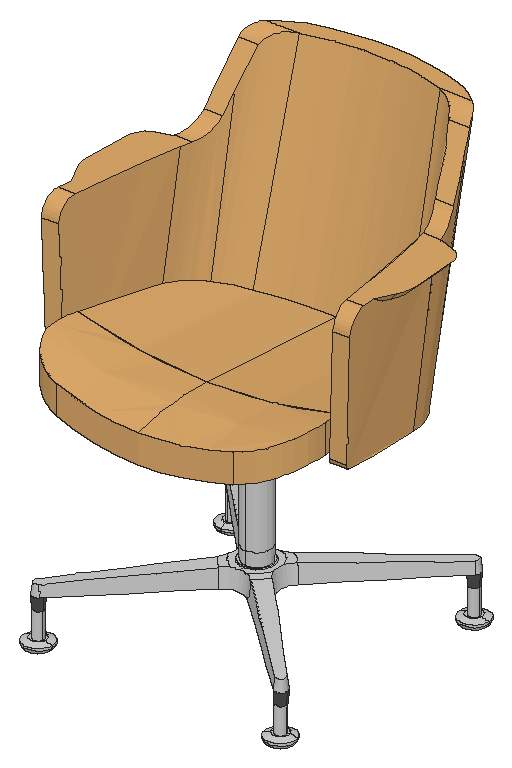
Revit family "FU_Inspec_Carousel_2-1", category Furniture, Revit 2020
Family settings
  OmniClass Number = 23.40.20.00
  OmniClass Title = General Furniture and Specialties
  Work Plane-Based = No
  Always vertical = Yes
  Cut with Voids When Loaded = No
  Shared = No
  Room Calculation Point = No
Parameters (values of type "Carousel 2.1")
  Width = 620 mm
  Default Elevation = 0 mm
  Back Inside Primary Material = Leather - Light Tan
  URL = "https://inspecfurniture.com/product-details/carousel-2-1/"
  Seat Material = Leather - Light Tan
  No_Casters [instance] = not(Castors)  # yes
  Model = "Carousel 2.1"
  Manufacturer = "Inspec"  # constant formula
  Keynote = "46.B"
  Height = 810 mm
  Frame Material = Metal - Chrome - Polished
  Feet Material = Metal - Chrome - Polished
  Description = "Armchair on a 360° swivel chrome or black powder coat base. Upholstered seat and back."
  Content Author = "AEC AB"  # constant formula
  Castors [instance] = no
  Back Outside Material = Leather - Light Tan
  Assembly Code = "E2020"
Types (3, lengths in mm): name | Back Inside Primary Material | URL | Seat Material | No_Casters | Model | Description | Castors | Back Outside Material
  Carousel 2.1 | Leather - Light Tan | "https://inspecfurniture.com/product-details/carousel-2-1/" | Leather - Light Tan | yes | "Carousel 2.1" | "Armchair on a 360° swivel chrome or black powder coat base. Upholstered seat and back." | no | Leather - Light Tan
  Carousel 2.2 | Fabric - Orange | "https://inspecfurniture.com/product-details/carousel-2-2/" | Fabric - Orange | no | "Carousel 2.2" | "Armchair on a 360° swivel chrome or black powder coat base on casters. Upholstered seat and back." | yes | Fabric - Orange
  Carousel 2.3 | Fabric - Grey Woven | "https://inspecfurniture.com/product-details/carousel-2-2/" | Fabric - Grey Woven | yes | "Carousel 2.2" | "Armchair on a 360° swivel chrome or black powder coat base on casters. Upholstered seat and back." | no | Fabric - Grey Woven
Reference planes
  plane 1 "Center (Front/Back)": y = 0
  plane 2: z = 0
  plane 3 "Center (Left/Right)": x = 0
  plane 4: x = -310
  plane 5: x = 310
  plane 6: y = 330
  plane 7: y = -290
  plane 8 "Seat Top": z = 460
  plane 9 "Back Top": z = 818.045
  plane 10 "Back Bottom": z = 369.633
Forms (mm)
  Extrusion 1, void
    sketch origin (0, 0, 0) x (0, 1, 0) y (0, 0, 1)
      loop
        line (325.467, 811.578) -> (325.467, 841.578) -> (-159.533, 841.578) -> (-159.533, 356.578) -> (297.241, 356.578) -> (-128.496, 416.412)
        arc (-128.496, 416.412) -> (-133.818, 419.301) -> (-135.939, 424.974) r 8.646
        line (-135.939, 424.974) -> (-135.939, 632.963)
        arc (-135.939, 632.963) -> (-125.688, 657.711) -> (-100.939, 667.963) r 35
        line (-100.939, 667.963) -> (115.796, 667.963)
        arc (115.796, 667.963) -> (143.296, 675.331) -> (163.428, 695.463) r 55
        line (163.428, 695.463) -> (218.914, 791.568)
        arc (218.914, 791.568) -> (233.563, 806.216) -> (253.573, 811.578) r 40.021
        line (253.573, 811.578) -> (325.467, 811.578)
    from -310 to 308.659
  Sweep 2, solid, material "Leather - Light Tan" <- "Seat Material"
    path origin (0, 0, 0) x (0, 1, 0) y (0, 0, 1)
      loop
        line (212.845, 430.065) -> (-110.927, 454.543)
        arc (-110.927, 454.543) -> (-227.217, 449.39) -> (-338.967, 416.8) r 487.236
    profile origin (0, 50.959, 442.304) x (0, -0.075386, -0.997154) y (1, 0, 0)
      loop
        arc (0, 0) -> (-10.078, -137.544) -> (-40.097, -272.15) r 943.634
        line (-40.097, -272.15) -> (12.004, -272.15)
        arc (12.004, -272.15) -> (40.455, -137.395) -> (50, 0) r 993.634
        arc (50, 0) -> (40.455, 137.395) -> (12.004, 272.15) r 993.634
        line (12.004, 272.15) -> (-40.097, 272.15)
        arc (-40.097, 272.15) -> (-10.078, 137.544) -> (0, 0) r 943.634
  Extrusion 3, void
    sketch origin (0, 0, 460) x (-1, 0, 0) y (0, -1, 0)
      loop
        line (-310, 363.222) -> (-310, -305.452) -> (0, -305.452) -> (310, -305.452) -> (310, 363.222) -> (0, 363.222) -> (-310, 363.222)
      loop
        arc (133.176, -147.326) -> (158.903, -131.941) -> (180.871, -111.547) r 143.473
        arc (180.871, -111.547) -> (202.812, -77.86) -> (214.546, -39.407) r 143.473
        arc (214.546, -39.407) -> (227.57, 51.733) -> (238.102, 143.194) r 3371.638
        arc (238.102, 143.194) -> (218.874, 212.924) -> (157.653, 251.446) r 100
        arc (157.653, 251.446) -> (0, 266.594) -> (-157.653, 251.446) r 827.933
        arc (-157.653, 251.446) -> (-218.874, 212.924) -> (-238.102, 143.194) r 100
        arc (-238.102, 143.194) -> (-227.57, 51.733) -> (-214.546, -39.407) r 3371.638
        arc (-214.546, -39.407) -> (-202.812, -77.86) -> (-180.871, -111.547) r 143.473
        arc (-180.871, -111.547) -> (-158.903, -131.941) -> (-133.176, -147.326) r 143.473
        arc (-133.176, -147.326) -> (-68.187, -169.684) -> (0, -178.28) r 334.334
        arc (0, -178.28) -> (68.187, -169.684) -> (133.176, -147.326) r 334.334
    from -90.367 to 60.638
  Revolve 4, solid, material "Metal - Chrome - Polished" <- "Frame Material"
    sketch origin (0, 0, 0) x (0, 1, 0) y (0, 0, 1)
      loop
        line (-23.532, 86.668) -> (0, 86.668) -> (0, 339.093) -> (-13.883, 339.093) -> (-13.883, 302) -> (-25.061, 302) -> (-25.061, 144.981) -> (-23.532, 86.668)
      axis (0, 86.668) -> (0, 339.093)
    angle from 0 to 360
  Extrusion 5, solid, material "Leather - Light Tan" <- "Seat Material"
    sketch origin (0, 0, 460) x (-1, 0, 0) y (0, -1, 0)
      loop
        line (-42.181, -84.182) -> (42.181, -84.182)
        arc (42.181, -84.182) -> (52.788, -79.789) -> (57.181, -69.182) r 15
        line (57.181, -69.182) -> (57.181, 69.182)
        arc (57.181, 69.182) -> (52.788, 79.789) -> (42.181, 84.182) r 15
        line (42.181, 84.182) -> (-42.181, 84.182)
        arc (-42.181, 84.182) -> (-52.788, 79.789) -> (-57.181, 69.182) r 15
        line (-57.181, 69.182) -> (-57.181, -69.182)
        arc (-57.181, -69.182) -> (-52.788, -79.789) -> (-42.181, -84.182) r 15
    from -53.609 to -95.025
  Extrusion 6, solid, material "Leather - Light Tan" <- "Seat Material"
    sketch origin (0, 0, 460) x (-1, 0, 0) y (0, -1, 0)
      loop
        arc (42.299, -46.999) -> (45.835, -45.535) -> (47.299, -41.999) r 5
        line (47.299, -41.999) -> (47.299, 41.999)
        arc (47.299, 41.999) -> (45.835, 45.535) -> (42.299, 46.999) r 5
        line (42.299, 46.999) -> (-42.299, 46.999)
        arc (-42.299, 46.999) -> (-45.834, 45.535) -> (-47.299, 41.999) r 5
        line (-47.299, 41.999) -> (-47.299, -41.999)
        arc (-47.299, -41.999) -> (-45.834, -45.535) -> (-42.299, -46.999) r 5
        line (-42.299, -46.999) -> (42.299, -46.999)
    from -120.907 to -95.025
  Blend 7, solid, material "Leather - Light Tan" <- "Back Inside Primary Material"
    base sketch origin (1.25, 147.551, 667.963) x (0, -1, 0) y (1, 0, 0)
      loop
        line (75.038, -277.557) -> (155.631, -281.329)
        arc (155.631, -281.329) -> (170.985, -280.068) -> (185.511, -274.938) r 60
        line (185.511, -274.938) -> (199.451, -267.889)
        arc (199.451, -267.889) -> (124.476, -256.543) -> (49.869, -242.982) r 2561.415
        line (49.869, -242.982) -> (57.042, -264.031)
        arc (57.042, -264.031) -> (63.956, -273.566) -> (75.038, -277.557) r 20
    top sketch origin (1.25, 147.551, 667.963) x (0, -1, 0) y (1, 0, 0)
      loop
        line (32.859, -239.57) -> (42.844, -268.869)
        arc (42.844, -268.869) -> (54.943, -285.557) -> (74.337, -292.541) r 35
        line (74.337, -292.541) -> (154.929, -296.313)
        arc (154.929, -296.313) -> (174.122, -294.736) -> (192.28, -288.324) r 75
        line (192.28, -288.324) -> (225.855, -271.346)
        arc (225.855, -271.346) -> (129.054, -257.301) -> (32.859, -239.57) r 2561.415
    from -15.5 to 0
  Blend 8, solid, material "Leather - Light Tan" <- "Back Inside Primary Material"
    base sketch origin (-1.25, 147.551, 667.963) x (0, -1, 0) y (1, 0, 0)
      loop
        arc (75.038, 277.557) -> (63.956, 273.566) -> (57.042, 264.031) r 20
        line (57.042, 264.031) -> (49.869, 242.982)
        arc (49.869, 242.982) -> (124.476, 256.543) -> (199.451, 267.889) r 2561.415
        line (199.451, 267.889) -> (185.511, 274.938)
        arc (185.511, 274.938) -> (170.985, 280.068) -> (155.631, 281.329) r 60
        line (155.631, 281.329) -> (75.038, 277.557)
    top sketch origin (-1.25, 147.551, 667.963) x (0, -1, 0) y (1, 0, 0)
      loop
        arc (32.859, 239.57) -> (129.054, 257.301) -> (225.855, 271.346) r 2561.415
        line (225.855, 271.346) -> (192.28, 288.324)
        arc (192.28, 288.324) -> (174.122, 294.736) -> (154.929, 296.313) r 75
        line (154.929, 296.313) -> (74.337, 292.541)
        arc (74.337, 292.541) -> (54.943, 285.557) -> (42.844, 268.869) r 35
        line (42.844, 268.869) -> (32.859, 239.57)
    from -15.5 to 0
  Revolve 9, solid, material "Metal - Chrome - Polished" <- "Feet Material", visible <- "No_Casters"
    sketch origin (-104.659, 217.464, 0.248) x (1, 0, 0) y (0, 0, -1)
      loop
        line (321.894, -60) -> (321.894, 0) -> (299.005, 0) -> (296.023, -5.164) -> (296.023, -8.789) -> (307.594, -13) -> (312.594, -13) -> (312.594, -60) -> (321.894, -60)
      axis (321.894, -60) -> (321.894, 0)
    angle from 0 to 360
  Revolve 10, solid, material "Metal - Chrome - Polished" <- "Feet Material", visible <- "Castors"
    sketch origin (449.922, 790.875, 1.462) x (-0.374607, -0.927184, 0) y (0, 0, -1)
      loop
        line (618.893, -58.824) -> (626.429, -58.824) -> (626.429, -55) -> (626.921, -53.944) -> (626.921, -40) -> (618.893, -40) -> (618.893, -58.824)
      axis (618.893, -58.824) -> (618.893, -40)
    angle from 0 to 360
  Extrusion 11, solid, material "Metal - Chrome - Polished" <- "Feet Material", visible <- "Castors"
    sketch origin (498.087, 910.087, 616.276) x (0.071478, 0.176915, -0.981627) y (0.367724, 0.910149, 0.190809)
      loop
        line (428.42, -897.573) -> (429.09, -894.13)
        arc (429.09, -894.13) -> (409.705, -882.689) -> (404.892, -860.701) r 28.164
        arc (404.892, -860.701) -> (417.547, -842.321) -> (439.601, -838.916) r 28.164
        line (439.601, -838.916) -> (440.269, -835.475)
        arc (440.269, -835.475) -> (415.594, -839.415) -> (401.459, -860.021) r 31.664
        arc (401.459, -860.021) -> (406.798, -884.642) -> (428.42, -897.573) r 31.664
    from -18.636 to 18.06
  Revolve 12, solid, material "Plastic - Black", visible <- "Castors"
    sketch origin (482.322, 272.052, 26.076) x (-0.374607, -0.927184, 0) y (0.927184, -0.374607, 0)
      loop
        arc (144.359, -243.031) -> (157.231, -246.152) -> (170.435, -247.201) r 83.612
        line (170.435, -247.201) -> (170.435, -202.165)
        arc (170.435, -202.165) -> (157.231, -203.214) -> (144.359, -206.335) r 83.612
        line (144.359, -206.335) -> (144.359, -243.031)
      axis (170.435, -202.165) -> (170.435, -247.201)
    angle from 0 to 360
  Blend 13, solid, material "Leather - Light Tan" <- "Back Inside Primary Material"
    base sketch origin (0, 0, 369.633) x (-1, 0, 0) y (0, -1, 0)
      loop
        line (268.913, 140.014) -> (238.573, 143.138)
        arc (238.573, 143.138) -> (228.075, 52.054) -> (215.1, -38.709) r 3367.138
        arc (215.1, -38.709) -> (203.734, -75.958) -> (182.478, -108.59) r 138.973
        arc (182.478, -108.59) -> (161.2, -128.343) -> (136.283, -143.244) r 138.973
        arc (136.283, -143.244) -> (0, -173.312) -> (-136.283, -143.244) r 323.882
        arc (-136.283, -143.244) -> (-161.2, -128.343) -> (-182.478, -108.59) r 138.973
        arc (-182.478, -108.59) -> (-203.734, -75.958) -> (-215.1, -38.709) r 138.973
        arc (-215.1, -38.709) -> (-228.075, 52.054) -> (-238.573, 143.138) r 3367.138
        line (-238.573, 143.138) -> (-268.913, 140.014)
        arc (-268.913, 140.014) -> (-258.321, 48.128) -> (-245.232, -43.436) r 3397.638
        arc (-245.232, -43.436) -> (-231.371, -88.86) -> (-205.45, -128.654) r 169.473
        arc (-205.45, -128.654) -> (-179.503, -152.741) -> (-149.117, -170.912) r 169.473
        arc (-149.117, -170.912) -> (-76.628, -195.568) -> (-0.566, -204.351) r 360.334
        arc (-0.566, -204.351) -> (0, -204.354) -> (0.566, -204.351) r 66.412
        arc (0.566, -204.351) -> (76.628, -195.568) -> (149.117, -170.912) r 360.334
        arc (149.117, -170.912) -> (179.503, -152.741) -> (205.45, -128.654) r 169.473
        arc (205.45, -128.654) -> (231.371, -88.86) -> (245.232, -43.436) r 169.473
        arc (245.232, -43.436) -> (258.321, 48.128) -> (268.913, 140.014) r 3397.638
    top sketch origin (0, 0, 369.633) x (-1, 0, 0) y (0, -1, 0)
      loop
        arc (252.713, 143.103) -> (235.751, 10.892) -> (211.678, -120.212) r 2469.124
        arc (211.678, -120.212) -> (201.029, -160.572) -> (186.452, -199.686) r 422.755
        arc (186.452, -199.686) -> (162.408, -233.403) -> (126.566, -254.146) r 97.798
        arc (126.566, -254.146) -> (0, -274.008) -> (-126.566, -254.146) r 413.192
        arc (-126.566, -254.146) -> (-162.408, -233.403) -> (-186.452, -199.686) r 97.798
        arc (-186.452, -199.686) -> (-201.029, -160.572) -> (-211.678, -120.212) r 422.755
        arc (-211.678, -120.212) -> (-235.751, 10.892) -> (-252.713, 143.103) r 2469.124
        line (-252.713, 143.103) -> (-283.052, 139.979)
        arc (-283.052, 139.979) -> (-265.882, 6.165) -> (-241.517, -126.528) r 2499.624
        arc (-241.517, -126.528) -> (-230.1, -169.8) -> (-214.471, -211.735) r 453.255
        arc (-214.471, -211.735) -> (-182.928, -255.967) -> (-135.909, -283.18) r 128.298
        arc (-135.909, -283.18) -> (-69.006, -299.348) -> (-0.447, -305.446) r 464.217
        arc (-0.447, -305.446) -> (0, -305.449) -> (0.447, -305.446) r 30.824
        arc (0.447, -305.446) -> (69.006, -299.348) -> (135.909, -283.18) r 464.217
        arc (135.909, -283.18) -> (182.928, -255.967) -> (214.471, -211.735) r 128.298
        arc (214.471, -211.735) -> (230.1, -169.8) -> (241.517, -126.528) r 453.255
        arc (241.517, -126.528) -> (265.882, 6.165) -> (283.052, 139.979) r 2499.624
        line (283.052, 139.979) -> (252.713, 143.103)
    from 0 to 447.495
  Blend 14, solid, material "Metal - Chrome - Polished" <- "Frame Material"
    base sketch origin (0, 0, 0) x (1, 0, 0) y (0, 1, 0)
      loop
        arc (-26.548, -53.102) -> (0, -42.61) -> (26.548, -53.102) r 38.835
        line (26.548, -53.102) -> (210.294, -225.211)
        arc (210.294, -225.211) -> (224.995, -224.986) -> (225.283, -210.286) r 10.583
        line (225.283, -210.286) -> (53.213, -25.969)
        arc (53.213, -25.969) -> (42.975, 0) -> (53.213, 25.969) r 38.055
        line (53.213, 25.969) -> (225.283, 210.286)
        arc (225.283, 210.286) -> (225.014, 225.005) -> (210.294, 225.211) r 10.582
        line (210.294, 225.211) -> (26.548, 53.102)
        arc (26.548, 53.102) -> (0, 42.61) -> (-26.548, 53.102) r 38.835
        line (-26.548, 53.102) -> (-210.294, 225.211)
        arc (-210.294, 225.211) -> (-224.995, 224.986) -> (-225.283, 210.286) r 10.583
        line (-225.283, 210.286) -> (-53.213, 25.969)
        arc (-53.213, 25.969) -> (-42.975, 0) -> (-53.213, -25.969) r 38.055
        line (-53.213, -25.969) -> (-225.283, -210.286)
        arc (-225.283, -210.286) -> (-225.014, -225.005) -> (-210.294, -225.211) r 10.582
        line (-210.294, -225.211) -> (-26.548, -53.102)
    top sketch origin (0, 0, 0) x (1, 0, 0) y (0, 1, 0)
      loop
        line (-29.282, 50.183) -> (-213.028, 222.292)
        arc (-213.028, 222.292) -> (-222.171, 222.154) -> (-222.355, 213.011) r 6.583
        line (-222.355, 213.011) -> (-50.289, 28.699)
        arc (-50.289, 28.699) -> (-38.975, 0) -> (-50.289, -28.699) r 42.055
        line (-50.289, -28.699) -> (-222.359, -213.016)
        arc (-222.359, -213.016) -> (-222.19, -222.173) -> (-213.033, -222.296) r 6.582
        line (-213.033, -222.296) -> (-29.282, -50.183)
        arc (-29.282, -50.183) -> (0, -38.61) -> (29.282, -50.183) r 42.835
        line (29.282, -50.183) -> (213.028, -222.292)
        arc (213.028, -222.292) -> (222.171, -222.154) -> (222.355, -213.011) r 6.583
        line (222.355, -213.011) -> (50.289, -28.699)
        arc (50.289, -28.699) -> (38.975, 0) -> (50.289, 28.699) r 42.055
        line (50.289, 28.699) -> (222.359, 213.016)
        arc (222.359, 213.016) -> (222.19, 222.173) -> (213.033, 222.296) r 6.582
        line (213.033, 222.296) -> (29.282, 50.183)
        arc (29.282, 50.183) -> (0, 38.61) -> (-29.282, 50.183) r 42.835
    from 81.741 to 121.141
  Revolve 15, void
    sketch origin (0, 0, 0) x (0, 1, 0) y (0, 0, 1)
      loop
        line (335.722, 101.512) -> (335.722, 81.926) -> (33.494, 86.718) -> (26.423, 79.647) -> (348.984, 79.647) -> (348.984, 121.805) -> (28.984, 121.805) -> (29.773, 120.438) -> (41.995, 120.438) -> (56.265, 118.938) -> (335.722, 101.512)
      axis (0, 79.647) -> (0, 121.805)
    angle from 0 to 360
  Blend 16, solid, material "Metal - Black - Matte"
    base sketch origin (0, 0, 0) x (1, 0, 0) y (0, 1, 0)
      loop
        circle (217.548, 217.507) r 10.582
    top sketch origin (0, 0, 0) x (1, 0, 0) y (0, 1, 0)
      loop
        circle (217.548, 217.507) r 9.503
    from 82.378 to 60.248
  Revolve 17, solid, material "Metal - Chrome - Polished" <- "Feet Material", visible <- "No_Casters"
    sketch origin (-83.43, -332.803, 0.248) x (0.93358, 0.358368, 0) y (0, 0, -1)
      loop
        line (321.894, -60) -> (321.894, 0) -> (299.005, 0) -> (296.023, -5.164) -> (296.023, -8.789) -> (307.594, -13) -> (312.594, -13) -> (312.594, -60) -> (321.894, -60)
      axis (321.894, -60) -> (321.894, 0)
    angle from 0 to 360
  Revolve 18, solid, material "Metal - Chrome - Polished" <- "Feet Material", visible <- "Castors"
    sketch origin (228.825, 401.266, 1.462) x (-0.017452, -0.999848, 0) y (0, 0, -1)
      loop
        line (618.893, -58.824) -> (626.429, -58.824) -> (626.429, -55) -> (626.921, -53.944) -> (626.921, -40) -> (618.893, -40) -> (618.893, -58.824)
      axis (618.893, -58.824) -> (618.893, -40)
    angle from 0 to 360
  Extrusion 19, solid, material "Metal - Chrome - Polished" <- "Feet Material", visible <- "Castors"
    sketch origin (231.069, 529.821, 616.276) x (0.00333, 0.19078, -0.981627) y (0.017132, 0.981478, 0.190809)
      loop
        line (428.42, -897.573) -> (429.09, -894.13)
        arc (429.09, -894.13) -> (409.705, -882.689) -> (404.892, -860.701) r 28.164
        arc (404.892, -860.701) -> (417.547, -842.321) -> (439.601, -838.916) r 28.164
        line (439.601, -838.916) -> (440.269, -835.475)
        arc (440.269, -835.475) -> (415.594, -839.415) -> (401.459, -860.021) r 31.664
        arc (401.459, -860.021) -> (406.798, -884.642) -> (428.42, -897.573) r 31.664
    from -18.636 to 18.06
  Revolve 20, solid, material "Plastic - Black", visible <- "Castors"
    sketch origin (445.002, -71.485, 26.076) x (-0.017452, -0.999848, 0) y (0.999848, -0.017452, 0)
      loop
        arc (144.359, -243.031) -> (157.231, -246.152) -> (170.435, -247.201) r 83.612
        line (170.435, -247.201) -> (170.435, -202.165)
        arc (170.435, -202.165) -> (157.231, -203.214) -> (144.359, -206.335) r 83.612
        line (144.359, -206.335) -> (144.359, -243.031)
      axis (170.435, -202.165) -> (170.435, -247.201)
    angle from 0 to 360
  Blend 21, solid, material "Metal - Black - Matte"
    base sketch origin (92.21, -498.316, 0) x (0.93358, 0.358368, 0) y (-0.358368, 0.93358, 0)
      loop
        circle (217.548, 217.507) r 10.582
    top sketch origin (92.21, -498.316, 0) x (0.93358, 0.358368, 0) y (-0.358368, 0.93358, 0)
      loop
        circle (217.548, 217.507) r 9.503
    from 82.378 to 60.248
  Revolve 22, solid, material "Metal - Chrome - Polished" <- "Feet Material", visible <- "No_Casters"
    sketch origin (-539.02, -189.449, 0.248) x (0.996195, -0.087156, 0) y (0, 0, -1)
      loop
        line (321.894, -60) -> (321.894, 0) -> (299.005, 0) -> (296.023, -5.164) -> (296.023, -8.789) -> (307.594, -13) -> (312.594, -13) -> (312.594, -60) -> (321.894, -60)
      axis (321.894, -60) -> (321.894, 0)
    angle from 0 to 360
  Revolve 23, solid, material "Metal - Chrome - Polished" <- "Feet Material", visible <- "Castors"
    sketch origin (63.427, 333.445, 1.462) x (-0.45399, -0.891007, 0) y (0, 0, -1)
      loop
        line (618.893, -58.824) -> (626.429, -58.824) -> (626.429, -55) -> (626.921, -53.944) -> (626.921, -40) -> (618.893, -40) -> (618.893, -58.824)
      axis (618.893, -58.824) -> (618.893, -40)
    angle from 0 to 360
  Extrusion 24, solid, material "Metal - Chrome - Polished" <- "Feet Material", visible <- "Castors"
    sketch origin (121.798, 448.005, 616.276) x (0.086625, 0.170012, -0.981627) y (0.445649, 0.874636, 0.190809)
      loop
        line (428.42, -897.573) -> (429.09, -894.13)
        arc (429.09, -894.13) -> (409.705, -882.689) -> (404.892, -860.701) r 28.164
        arc (404.892, -860.701) -> (417.547, -842.321) -> (439.601, -838.916) r 28.164
        line (439.601, -838.916) -> (440.269, -835.475)
        arc (440.269, -835.475) -> (415.594, -839.415) -> (401.459, -860.021) r 31.664
        arc (401.459, -860.021) -> (406.798, -884.642) -> (428.42, -897.573) r 31.664
    from -18.636 to 18.06
  Revolve 25, solid, material "Plastic - Black", visible <- "Castors"
    sketch origin (50.485, -186.227, 26.076) x (-0.45399, -0.891007, 0) y (0.891007, -0.45399, 0)
      loop
        arc (144.359, -243.031) -> (157.231, -246.152) -> (170.435, -247.201) r 83.612
        line (170.435, -247.201) -> (170.435, -202.165)
        arc (170.435, -202.165) -> (157.231, -203.214) -> (144.359, -206.335) r 83.612
        line (144.359, -206.335) -> (144.359, -243.031)
      axis (170.435, -202.165) -> (170.435, -247.201)
    angle from 0 to 360
  Blend 26, solid, material "Metal - Black - Matte"
    base sketch origin (-453.712, -415.207, 0) x (0.996195, -0.087156, 0) y (0.087156, 0.996195, 0)
      loop
        circle (217.548, 217.507) r 10.582
    top sketch origin (-453.712, -415.207, 0) x (0.996195, -0.087156, 0) y (0.087156, 0.996195, 0)
      loop
        circle (217.548, 217.507) r 9.503
    from 82.378 to 60.248
  Revolve 27, solid, material "Metal - Chrome - Polished" <- "Feet Material", visible <- "No_Casters"
    sketch origin (-217.448, -104.675, 0.248) x (0, 1, 0) y (0, 0, -1)
      loop
        line (321.894, -60) -> (321.894, 0) -> (299.005, 0) -> (296.023, -5.164) -> (296.023, -8.789) -> (307.594, -13) -> (312.594, -13) -> (312.594, -60) -> (321.894, -60)
      axis (321.894, -60) -> (321.894, 0)
    angle from 0 to 360
  Revolve 28, solid, material "Metal - Chrome - Polished" <- "Feet Material", visible <- "Castors"
    sketch origin (-790.859, 449.906, 1.462) x (0.927184, -0.374607, 0) y (0, 0, -1)
      loop
        line (618.893, -58.824) -> (626.429, -58.824) -> (626.429, -55) -> (626.921, -53.944) -> (626.921, -40) -> (618.893, -40) -> (618.893, -58.824)
      axis (618.893, -58.824) -> (618.893, -40)
    angle from 0 to 360
  Extrusion 29, solid, material "Metal - Chrome - Polished" <- "Feet Material", visible <- "Castors"
    sketch origin (-910.071, 498.071, 616.276) x (-0.176915, 0.071478, -0.981627) y (-0.910149, 0.367724, 0.190809)
      loop
        line (428.42, -897.573) -> (429.09, -894.13)
        arc (429.09, -894.13) -> (409.705, -882.689) -> (404.892, -860.701) r 28.164
        arc (404.892, -860.701) -> (417.547, -842.321) -> (439.601, -838.916) r 28.164
        line (439.601, -838.916) -> (440.269, -835.475)
        arc (440.269, -835.475) -> (415.594, -839.415) -> (401.459, -860.021) r 31.664
        arc (401.459, -860.021) -> (406.798, -884.642) -> (428.42, -897.573) r 31.664
    from -18.636 to 18.06
  Revolve 30, solid, material "Plastic - Black", visible <- "Castors"
    sketch origin (-272.036, 482.306, 26.076) x (0.927184, -0.374607, 0) y (0.374607, 0.927184, 0)
      loop
        arc (144.359, -243.031) -> (157.231, -246.152) -> (170.435, -247.201) r 83.612
        line (170.435, -247.201) -> (170.435, -202.165)
        arc (170.435, -202.165) -> (157.231, -203.214) -> (144.359, -206.335) r 83.612
        line (144.359, -206.335) -> (144.359, -243.031)
      axis (170.435, -202.165) -> (170.435, -247.201)
    angle from 0 to 360
  Blend 31, solid, material "Metal - Black - Matte"
    base sketch origin (0.016, -0.016, 0) x (0, 1, 0) y (-1, 0, 0)
      loop
        circle (217.548, 217.507) r 10.582
    top sketch origin (0.016, -0.016, 0) x (0, 1, 0) y (-1, 0, 0)
      loop
        circle (217.548, 217.507) r 9.503
    from 82.378 to 60.248
Cuts and joins
  Extrusion 1 cuts Blend 13
  joined: Blend 7, Blend 8, Blend 13
  Extrusion 3 cuts Sweep 2
  joined: Sweep 2, Extrusion 5, Extrusion 6
  Revolve 15 cuts Blend 14
Lines and regions (mm)
  Masking region 1
    outline origin (0, 0, 460) x (-1, 0, 0) y (0, -1, 0)
      loop
        line (271.068, 78.855) -> (275.712, 124.945)
        arc (275.712, 124.945) -> (273.18, 132.655) -> (265.762, 135.947) r 10
        line (265.762, 135.947) -> (242.359, 135.947)
        arc (242.359, 135.947) -> (224.448, 208.839) -> (162.653, 251.446) r 105.666
        arc (162.653, 251.446) -> (81.901, 265.347) -> (0, 267.836) r 585.307
        arc (0, 267.836) -> (-81.901, 265.347) -> (-162.653, 251.446) r 585.307
        arc (-162.653, 251.446) -> (-224.448, 208.839) -> (-242.359, 135.947) r 105.666
        line (-242.359, 135.947) -> (-265.762, 135.947)
        arc (-265.762, 135.947) -> (-273.18, 132.655) -> (-275.712, 124.945) r 10
        line (-275.712, 124.945) -> (-271.068, 78.855) -> (-288.918, 43.555)
        arc (-288.918, 43.555) -> (-294.903, 26.607) -> (-296.374, 8.694) r 70
        line (-296.374, 8.694) -> (-292.223, -80.016)
        arc (-292.223, -80.016) -> (-287.234, -93.868) -> (-275.314, -102.51) r 25
        line (-275.314, -102.51) -> (-239.193, -114.82)
        arc (-239.193, -114.82) -> (-222.601, -174.655) -> (-200.854, -232.815) r 711.236
        arc (-200.854, -232.815) -> (-193.215, -243.791) -> (-184.097, -253.573) r 94.065
        arc (-184.097, -253.573) -> (-161.63, -270.31) -> (-136.072, -281.788) r 128.666
        arc (-136.072, -281.788) -> (-68.877, -298.098) -> (0, -304.198) r 462.094
        arc (0, -304.198) -> (68.877, -298.098) -> (136.072, -281.788) r 462.094
        arc (136.072, -281.788) -> (161.63, -270.31) -> (184.097, -253.573) r 128.666
        arc (184.097, -253.573) -> (193.215, -243.791) -> (200.854, -232.815) r 94.065
        arc (200.854, -232.815) -> (222.601, -174.655) -> (239.193, -114.82) r 711.236
        line (239.193, -114.82) -> (275.314, -102.51)
        arc (275.314, -102.51) -> (287.234, -93.868) -> (292.223, -80.016) r 25
        line (292.223, -80.016) -> (296.374, 8.694)
        arc (296.374, 8.694) -> (294.903, 26.607) -> (288.918, 43.555) r 70
        line (288.918, 43.555) -> (271.068, 78.855)
  symbolic lines
    curve 1: arc (0, 269.694, 460) -> (-64.311, 263.885, 460) -> (-127.003, 248.41, 460) r 425.442
    curve 2: spline (-151.755, 235.559, 460) -> (-149.844, 236.896, 460) -> (-147.902, 238.188, 460) -> (-145.929, 239.432, 460) -> (-143.928, 240.628, 460) -> (-141.898, 241.777, 460) -> (-139.841, 242.876, 460) -> (-137.759, 243.926, 460) -> (-135.652, 244.925, 460) -> (-133.522, 245.874, 460) -> (-131.369, 246.771, 460) -> (-129.196, 247.617, 460) -> (-127.003, 248.41, 460)
    curve 3: line (-161.045, 224.22, 460) -> (-151.755, 235.559, 460)
    curve 4: spline (-161.045, 224.22, 460) -> (-163.056, 220.867, 460) -> (-165.01, 217.506, 460) -> (-166.908, 214.137, 460) -> (-168.748, 210.76, 460) -> (-170.532, 207.375, 460) -> (-172.257, 203.983, 460) -> (-173.926, 200.583, 460) -> (-175.536, 197.177, 460) -> (-177.09, 193.764, 460) -> (-178.585, 190.344, 460) -> (-180.022, 186.918, 460) -> (-181.401, 183.487, 460)
    curve 5: arc (-242.359, -135.947, 460) -> (-221.483, 25.602, 460) -> (-181.401, 183.487, 460) r 1357.077
    curve 6: arc (0, 269.694, 460) -> (64.311, 263.885, 460) -> (127.003, 248.41, 460) r 425.442
    curve 7: spline (151.755, 235.559, 460) -> (149.844, 236.896, 460) -> (147.902, 238.188, 460) -> (145.929, 239.432, 460) -> (143.928, 240.628, 460) -> (141.898, 241.777, 460) -> (139.841, 242.876, 460) -> (137.759, 243.926, 460) -> (135.652, 244.925, 460) -> (133.522, 245.874, 460) -> (131.369, 246.771, 460) -> (129.196, 247.617, 460) -> (127.003, 248.41, 460)
    curve 8: line (161.045, 224.22, 460) -> (151.755, 235.559, 460)
    curve 9: spline (161.045, 224.22, 460) -> (163.056, 220.867, 460) -> (165.01, 217.506, 460) -> (166.908, 214.137, 460) -> (168.748, 210.76, 460) -> (170.532, 207.375, 460) -> (172.257, 203.983, 460) -> (173.926, 200.583, 460) -> (175.536, 197.177, 460) -> (177.09, 193.764, 460) -> (178.585, 190.344, 460) -> (180.022, 186.918, 460) -> (181.401, 183.487, 460)
    curve 10: arc (242.359, -135.947, 460) -> (221.483, 25.602, 460) -> (181.401, 183.487, 460) r 1357.077
    curve 11: arc (-221.483, 25.602, 460) -> (-150.503, 134.46, 460) -> (-27.707, 176.997, 460) r 200.662
    curve 12: arc (221.483, 25.602, 460) -> (150.503, 134.46, 460) -> (27.707, 176.997, 460) r 200.662
    curve 13: line (-27.707, 176.997, 460) -> (27.707, 176.997, 460)
Dimensions and locks
  aligned and locked: level to plane 2
